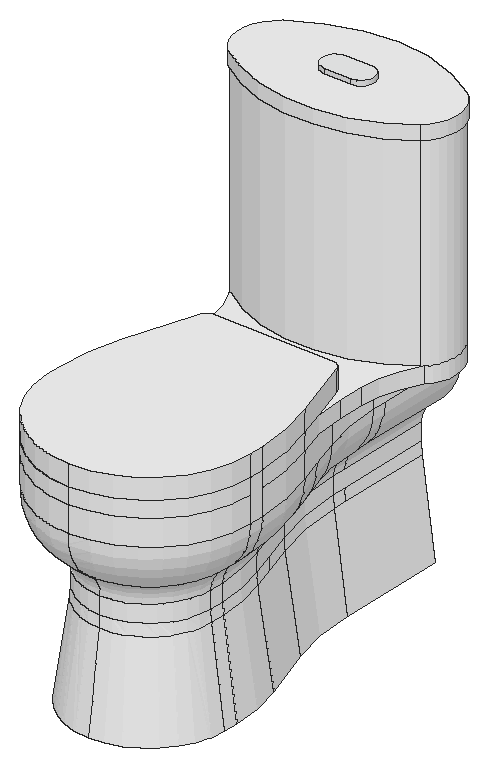
Revit family "200401001_Sanitario Aquapro Al Bco", category Plumbing Fixtures, Revit 2019
Family settings
  Round Connector Dimension = Use Diameter
  Part Type = Normal
  OmniClass Number = 23.31.19.17
  OmniClass Title = Toilets With Tank
  Work Plane-Based = No
  Always vertical = Yes
  Cut with Voids When Loaded = No
  Shared = No
  Room Calculation Point = No
Parameters
  URL = "https://corona.co/productos/sanitarios/sanitario-aquapro/p/200401001"
  Sistema de Carga = "Por gravedad"  # constant formula
  Profundidad = 714 mm
  Presion maxima = "20 - 80 PSI"  # constant formula
  Peso Neto aprox = "Taza: 23,38 kg. - 51,55 lbs.Tanque: 9,98 kg. - 22,00 lbs."  # constant formula
  Model = "Sanitario Aquapro Al Bco"  # constant formula
  Material 2 = Corona_Aluminio
  Material = Corona_Porcelana_Sanitaria
  Manufacturer = "CORONA"  # constant formula
  Fecha de creación = "13/08/2020"  # constant formula
  Espejo de Agua = "162 x 235 mm. - 6 3/8 x 9 1/4 pulg."  # constant formula
  Dimensiones generales producto (H * W * D) = "785 x 714 x 378 mm."  # constant formula
  Description = "Consumo de agua promedio de 3.8 Lpf. (4.8 Lpf. para sólidos / 3.2 Lpf. para líquidos)."  # constant formula
  Creado por = "IDD"  # constant formula
  Ancho = 378 mm
  Altura de Sello = "65 mm. - 2,55 pulg."  # constant formula
  Alto = 785 mm
Reference planes
  plane 1 "Center (Front/Back)": y = 0
  plane 2: z = 0
  plane 3 "Center (Left/Right)": x = 0
  plane 4: x = -189
  plane 5: x = 189
  plane 6: y = 357
  plane 7: y = -357
  plane 8: z = 785
  plane 9: through (8.684, 147.523, 2.491) normal (-0.1064, -0.9943, 0)
  plane 10: through (-10.473, 156.475, 9.85) normal (-0.1064, -0.9943, 0)
Forms (mm)
  Extrusion 1, solid, material "Corona_Porcelana_Sanitaria" <- "Material", detail levels medium+fine
    sketch origin (0, 0, 0) x (1, 0, 0) y (0, 1, 0)
      loop
        arc (-166.654, 197.401) -> (0, 140.352) -> (166.654, 197.401) r 271.942
        arc (166.654, 197.401) -> (188.824, 253.634) -> (158.931, 306.17) r 70
        arc (158.931, 306.17) -> (0, 357.295) -> (-158.931, 306.17) r 272.596
        arc (-158.931, 306.17) -> (-188.824, 253.634) -> (-166.654, 197.401) r 70
    from 761.119 to 785
  Extrusion 2, solid, material "Corona_Porcelana_Sanitaria" <- "Material", detail levels medium+fine
    sketch origin (0, 0, 0) x (1, 0, 0) y (0, 1, 0)
      loop
        arc (-164.709, 199.689) -> (0, 143.352) -> (164.709, 199.689) r 268.942
        arc (164.709, 199.689) -> (185.826, 253.499) -> (157.2, 303.719) r 67
        arc (157.2, 303.719) -> (0, 354.295) -> (-157.2, 303.719) r 269.596
        arc (-157.2, 303.719) -> (-185.826, 253.499) -> (-164.709, 199.689) r 67
    from 409.644 to 761.119
  Extrusion 3, solid, material "Corona_Porcelana_Sanitaria" <- "Material", detail levels medium+fine
    sketch origin (0, 0, 0) x (1, 0, 0) y (0, 1, 0)
      loop
        arc (-157.399, -41.47) -> (-170.918, -97.782) -> (-175.462, -155.515) r 369.056
        line (-175.462, -155.515) -> (-175.462, -180.671)
        arc (-175.462, -180.671) -> (-124.063, -304.701) -> (0, -356.018) r 175.347
        arc (0, -356.018) -> (124.063, -304.701) -> (175.462, -180.671) r 175.347
        line (175.462, -180.671) -> (175.462, -155.515)
        arc (175.462, -155.515) -> (170.918, -97.782) -> (157.399, -41.47) r 369.056
        arc (157.399, -41.47) -> (143.291, 6.836) -> (138.532, 56.935) r 266.069
        line (138.532, 56.935) -> (138.532, 101.935)
        arc (138.532, 101.935) -> (146.064, 154.6) -> (168.056, 203.042) r 187.885
        arc (168.056, 203.042) -> (185.614, 255.859) -> (157.2, 303.719) r 67
        arc (157.2, 303.719) -> (0, 354.295) -> (-157.2, 303.719) r 269.596
        arc (-157.2, 303.719) -> (-184.064, 264.665) -> (-178.362, 217.608) r 67
        arc (-178.362, 217.608) -> (-148.768, 163.104) -> (-138.532, 101.935) r 187.885
        line (-138.532, 101.935) -> (-138.532, 56.935)
        arc (-138.532, 56.935) -> (-143.291, 6.836) -> (-157.399, -41.47) r 266.069
    from 381.748 to 409.644
  Extrusion 4, solid, material "Corona_Porcelana_Sanitaria" <- "Material", detail levels medium+fine
    sketch origin (0, 0, 0) x (1, 0, 0) y (0, 1, 0)
      loop
        line (-189, 357) -> (-189, -357) -> (189, -357) -> (189, 357) -> (-189, 357)
    from 0 to 381.748
  Sweep 5, void
    path origin (0, 0, 0) x (1, 0, 0) y (0, 1, 0)
      loop
        line (-39.306, 357) -> (-39.306, 192.452) -> (-39.306, 166.982)
        arc (-39.306, 166.982) -> (-44.628, 99.356) -> (-60.464, 33.395) r 432.296
        line (-60.464, 33.395) -> (-77.418, -18.786) -> (-91.723, -62.81)
        arc (-91.723, -62.81) -> (-102.712, -108.585) -> (-106.406, -155.515) r 300
        line (-106.406, -155.515) -> (-106.406, -180.671)
        arc (-106.406, -180.671) -> (-75.233, -255.871) -> (0, -286.963) r 106.292
        arc (0, -286.963) -> (75.233, -255.871) -> (106.406, -180.671) r 106.292
        line (106.406, -180.671) -> (106.406, -155.515)
        arc (106.406, -155.515) -> (102.712, -108.585) -> (91.723, -62.81) r 300
        line (91.723, -62.81) -> (77.418, -18.786) -> (60.464, 33.395)
        arc (60.464, 33.395) -> (44.628, 99.356) -> (39.306, 166.982) r 432.296
        line (39.306, 166.982) -> (39.306, 192.452) -> (39.306, 357)
    profile origin (-39.306, 274.726, 0) x (1, 0, 0) y (0, 0, 1)
      loop
        line (-69.056, 381.748) -> (-229.056, 381.748) -> (-229.056, 0) -> (-23.932, 0) -> (-1.411, 160.241)
        arc (-1.411, 160.241) -> (-0.353, 170.307) -> (0, 180.421) r 145
        line (0, 180.421) -> (0, 210.282)
        arc (0, 210.282) -> (-6.881, 232.788) -> (-22.931, 250) r 52.31
        arc (-22.931, 250) -> (-56.808, 287.624) -> (-69.056, 336.748) r 104.637
        line (-69.056, 336.748) -> (-69.056, 381.748)
  Extrusion 6, solid, material "Corona_Porcelana_Sanitaria" <- "Material", detail levels medium+fine
    sketch origin (0, 0, 0) x (1, 0, 0) y (0, 1, 0)
      loop
        arc (-175.462, -180.671) -> (-124.063, -304.701) -> (0, -356.018) r 175.347
        arc (0, -356.018) -> (124.063, -304.701) -> (175.462, -180.671) r 175.347
        line (175.462, -180.671) -> (175.462, -155.515)
        arc (175.462, -155.515) -> (170.918, -97.782) -> (157.399, -41.47) r 369.056
        line (157.399, -41.47) -> (119.924, 73.864)
        arc (119.924, 73.864) -> (112.659, 83.864) -> (100.903, 87.684) r 20
        line (100.903, 87.684) -> (-100.903, 87.684)
        arc (-100.903, 87.684) -> (-112.659, 83.864) -> (-119.924, 73.864) r 20
        line (-119.924, 73.864) -> (-157.399, -41.47)
        arc (-157.399, -41.47) -> (-170.918, -97.782) -> (-175.462, -155.515) r 369.056
        line (-175.462, -155.515) -> (-175.462, -180.671)
    from 409.644 to 444.983
  Extrusion 7, void
    sketch origin (0, 0, 0) x (1, 0, 0) y (0, 1, 0)
      loop
        circle (-70.509, 109.309) r 10
      loop
        circle (70.509, 109.309) r 10
    from 328.05 to 463.389
  Extrusion 8, solid, material "Corona_Aluminio" <- "Material 2", detail levels medium+fine
    sketch origin (0, 0, 0) x (1, 0, 0) y (0, 1, 0)
      loop
        arc (-22.322, 271.405) -> (-44.822, 248.905) -> (-22.322, 226.405) r 22.5
        line (-22.322, 226.405) -> (22.322, 226.405)
        arc (22.322, 226.405) -> (44.822, 248.905) -> (22.322, 271.405) r 22.5
        line (22.322, 271.405) -> (-22.322, 271.405)
    from 785 to 793.072
  Sweep 9, solid, material "Corona_Porcelana_Sanitaria" <- "Material", detail levels medium+fine
    path origin (-7.622, -4.888, -62.54) x (0.106377, 0.994326, 0) y (0, 0, 1)
      loop
        line (-75.344, 163.712) -> (8.359, 163.712)
        arc (8.359, 163.712) -> (21.51, 165.816) -> (33.349, 171.917) r 42.161
        line (33.349, 171.917) -> (112.769, 230.367)
        arc (112.769, 230.367) -> (117.868, 234.775) -> (122.216, 239.923) r 43.063
        arc (122.216, 239.923) -> (186.417, 285.869) -> (265.324, 283.34) r 123.037
        arc (265.324, 283.34) -> (291.961, 262.595) -> (302.036, 230.371) r 56.569
        line (302.036, 230.371) -> (302.036, 227.273)
        arc (302.036, 227.273) -> (293.499, 175.709) -> (268.8, 129.646) r 160
        line (268.8, 129.646) -> (251.082, 106.641)
        arc (251.082, 106.641) -> (229.47, 66.336) -> (222, 21.217) r 140
        line (222, 21.217) -> (222, 12.099) -> (222, -12.099)
    profile origin (15.994, 215.853, -62.54) x (0.994326, -0.106377, 0) y (0.106377, 0.994326, 0)
      loop
        circle (-59.478, -20.418) r 30
  Extrusion 10, void
    sketch origin (0, 0, 0) x (0, 1, 0) y (0, 0, 1)
      loop
        line (462.599, 0) -> (-577.401, 0) -> (-577.401, -320) -> (462.599, -320) -> (462.599, 0)
    from -408.049 to 563.818
  Extrusion 11, solid, material "Corona_Porcelana_Sanitaria" <- "Material", detail levels coarse
    sketch origin (0, 0, 0) x (1, 0, 0) y (0, 1, 0)
      loop
        line (-189, 357) -> (-189, -357) -> (189, -357) -> (189, 357) -> (-189, 357)
    from 0 to 785
Cuts and joins
  Sweep 5, Extrusion 7, Extrusion 10 cuts Extrusion 3
  Sweep 5, Extrusion 7, Extrusion 10 cuts Extrusion 4
  Extrusion 10 cuts Sweep 9
  joined: Extrusion 3, Extrusion 4, Sweep 9
Lines and regions (mm)
  symbolic lines
    curve 1: arc (158.931, 306.17, 0) -> (0, 357.295, 0) -> (-158.931, 306.17, 0) r 272.596
    curve 2: arc (-158.931, 306.17, 0) -> (-188.985, 250.128, 0) -> (-161.28, 192.887, 0) r 70
    curve 3: arc (162.573, 193.891, 0) -> (188.963, 250.946, 0) -> (158.931, 306.17, 0) r 70
    curve 7: arc (-162.573, 193.891, 0) -> (-144.642, 149.459, 0) -> (-138.532, 101.935, 0) r 187.885
    curve 8: line (-138.532, 101.935, 0) -> (-138.532, 56.935, 0)
    curve 9: arc (-138.532, 56.935, 0) -> (-143.291, 6.836, 0) -> (-157.399, -41.47, 0) r 266.069
    curve 10: arc (-157.399, -41.47, 0) -> (-170.918, -97.782, 0) -> (-175.462, -155.515, 0) r 369.056
    curve 11: arc (-175.462, -180.671, 0) -> (-124.063, -304.701, 0) -> (0, -356.018, 0) r 175.347
    curve 12: arc (0, -356.018, 0) -> (124.063, -304.701, 0) -> (175.462, -180.671, 0) r 175.347
    curve 13: line (175.462, -180.671, 0) -> (175.462, -155.515, 0)
    curve 14: line (-175.462, -155.515, 0) -> (-175.462, -180.671, 0)
    curve 15: arc (175.462, -155.515, 0) -> (170.918, -97.782, 0) -> (157.399, -41.47, 0) r 369.056
    curve 16: arc (157.399, -41.47, 0) -> (143.291, 6.836, 0) -> (138.532, 56.935, 0) r 266.069
    curve 17: line (138.532, 56.935, 0) -> (138.532, 101.935, 0)
    curve 18: arc (138.532, 101.935, 0) -> (144.642, 149.459, 0) -> (162.573, 193.891, 0) r 187.885
    curve 19: arc (-22.322, 271.405, 0) -> (-44.822, 248.905, 0) -> (-22.322, 226.405, 0) r 22.5
    curve 20: line (22.322, 271.405, 0) -> (-22.322, 271.405, 0)
    curve 21: arc (22.322, 226.405, 0) -> (44.822, 248.905, 0) -> (22.322, 271.405, 0) r 22.5
    curve 22: line (-22.322, 226.405, 0) -> (22.322, 226.405, 0)
    curve 23: arc (-80.509, 109.309, 0) -> (-70.509, 99.309, 0) -> (-60.509, 109.309, 0) r 10
    curve 24: arc (-60.509, 109.309, 0) -> (-70.509, 119.309, 0) -> (-80.509, 109.309, 0) r 10
    curve 25: arc (80.509, 109.309, 0) -> (70.509, 119.309, 0) -> (60.509, 109.309, 0) r 10
    curve 26: arc (60.509, 109.309, 0) -> (70.509, 99.309, 0) -> (80.509, 109.309, 0) r 10
    curve 27: arc (-130.337, -180.671, 0) -> (-92.155, -272.793, 0) -> (0, -310.894, 0) r 130.223
    curve 28: arc (0, -310.894, 0) -> (92.155, -272.793, 0) -> (130.337, -180.671, 0) r 130.223
    curve 29: line (-130.337, -180.671, 0) -> (-130.337, -53.171, 0)
    curve 30: line (130.337, -180.671, 0) -> (130.337, -53.171, 0)
    curve 31: arc (-130.337, -53.171, 0) -> (-92.155, 38.951, 0) -> (0, 77.052, 0) r 130.223
    curve 32: arc (0, 77.052, 0) -> (92.155, 38.951, 0) -> (130.337, -53.171, 0) r 130.223
    curve 33: line (-36.969, -78.722, 0) -> (-36.969, -38.722, 0)
    curve 34: line (36.969, -78.722, 0) -> (36.969, -38.722, 0)
    curve 35: arc (-36.969, -38.722, 0) -> (0, -1.753, 0) -> (36.969, -38.722, 0) r 36.969
    curve 36: arc (-36.969, -78.722, 0) -> (0, -115.692, 0) -> (36.969, -78.722, 0) r 36.969
    curve 37: circle (0, -18.306, 0) r 13.098 normal (0, 0, 1)
    curve 38: arc (162.526, 193.807, 0) -> (0.774, 140.059, 0) -> (-161.28, 192.887, 0) r 272.596
    curve 71: line (-189, 0, 761.119) -> (189, 0, 761.119)
    curve 72: line (-189, 0, 761.119) -> (-189, 0, 768.801)
    curve 73: arc (-189, 0, 768.801) -> (-176.035, 0, 780.743) -> (-158.931, 0, 785) r 35.593
    curve 74: line (189, 0, 761.119) -> (189, 0, 768.801)
    curve 75: arc (189, 0, 768.801) -> (176.035, 0, 780.743) -> (158.931, 0, 785) r 35.593
    curve 76: line (-158.931, 0, 785) -> (158.931, 0, 785)
    curve 77: line (-186, 0, 761.119) -> (-186, 0, 616.119)
    curve 78: line (-184.377, 0, 604.403) -> (-157.399, 0, 409.644)
    curve 79: arc (-184.377, 0, 604.403) -> (-185.393, 0, 610.232) -> (-186, 0, 616.119) r 84.777
    curve 80: line (186, 0, 761.119) -> (186, 0, 616.119)
    curve 81: line (184.377, 0, 604.403) -> (157.399, 0, 409.644)
    curve 82: arc (184.377, 0, 604.403) -> (185.393, 0, 610.232) -> (186, 0, 616.119) r 84.777
    curve 83: line (-130.337, 0, 0) -> (-106.678, 0, 168.346)
    curve 84: line (-106.678, 0, 168.346) -> (-106.678, 0, 211.148)
    curve 85: line (-176.678, 0, 409.644) -> (-176.678, 0, 341.748)
    curve 86: arc (-176.678, 0, 341.748) -> (-166.147, 0, 294.248) -> (-136.529, 0, 255.648) r 112.395
    curve 87: arc (-136.529, 0, 255.648) -> (-118.448, 0, 235.515) -> (-106.678, 0, 211.148) r 96.347
    curve 88: line (130.337, 0, 0) -> (106.678, 0, 168.346)
    curve 89: line (106.678, 0, 168.346) -> (106.678, 0, 211.148)
    curve 90: line (176.678, 0, 409.644) -> (176.678, 0, 341.748)
    curve 91: arc (176.678, 0, 341.748) -> (166.147, 0, 294.248) -> (136.529, 0, 255.648) r 112.395
    curve 92: arc (136.529, 0, 255.648) -> (118.448, 0, 235.515) -> (106.678, 0, 211.148) r 96.347
    curve 93: line (-176.678, 0, 409.644) -> (176.678, 0, 409.644)
    curve 94: line (-130.337, 0, 0) -> (130.337, 0, 0)
    curve 95: line (0, 353.825, 756.733) -> (0, 335.634, 409.644)
    curve 97: line (0, 115.352, 761.119) -> (0, 357.295, 761.119)
    curve 98: line (0, 115.352, 761.119) -> (0, 357.295, 761.119)
    curve 99: line (0, 357.295, 761.119) -> (0, 357.295, 768.828)
    curve 100: arc (0, 357.295, 768.828) -> (0, 343.04, 780.083) -> (0, 325.555, 785) r 46.37
    curve 101: line (0, 115.352, 761.119) -> (0, 115.352, 768.828)
    curve 102: arc (0, 115.352, 768.828) -> (0, 129.607, 780.083) -> (0, 147.092, 785) r 46.37
    curve 103: line (0, 325.555, 785) -> (0, 147.092, 785)
    curve 104: line (0, 125.352, 761.119) -> (0, 139.852, 409.644)
    curve 105: line (0, 335.634, 409.644) -> (0, 340.634, 409.644)
    curve 106: line (0, 340.634, 409.644) -> (0, 340.634, 381.748)
    curve 107: line (0, 340.634, 381.748) -> (0, -19.366, 381.748)
    curve 108: line (0, 335.634, 409.644) -> (0, -356.018, 409.644)
    curve 109: arc (0, -356.018, 409.644) -> (0, -353.192, 366.547) -> (0, -335.455, 327.169) r 121.385
    curve 110: arc (0, -335.455, 327.169) -> (0, -291.866, 280.833) -> (0, -234.328, 253.696) r 170.542
    curve 111: arc (0, -186.596, 212.291) -> (0, -205.599, 238.599) -> (0, -234.328, 253.696) r 70.96
    curve 112: line (0, -186.596, 212.291) -> (0, -212.662, 0)
    curve 113: line (0, -212.662, 0) -> (0, 221.065, 0)
    curve 114: line (0, 221.065, 0) -> (0, 221.065, 25)
    curve 115: arc (0, 221.065, 25) -> (0, 233.654, 67.5) -> (0, 267.359, 96.287) r 78.033
    curve 116: arc (0, 267.359, 96.287) -> (0, 296.661, 122.671) -> (0, 304.859, 161.239) r 63.799
    curve 117: arc (0, 304.859, 161.239) -> (0, 299.88, 256.239) -> (0, 304.859, 351.239) r 908.843
    curve 118: arc (0, 304.859, 351.239) -> (0, 317.126, 373.085) -> (0, 340.634, 381.748) r 36.23
    curve 119: line (0, -53.935, 25) -> (0, -72.825, 178.845)
    curve 120: arc (0, 22.454, 174.082) -> (0, 1.448, 172.647) -> (0, -19.559, 174.082) r 154.484
    curve 121: arc (0, 299.973, 243.262) -> (0, 276.427, 290.481) -> (0, 226.563, 307.729) r 69.798
    curve 122: line (0, -55.154, 34.925) -> (0, 129.846, 34.925)
    curve 123: arc (0, 129.846, 34.925) -> (0, 154.319, 73.012) -> (0, 186.485, 104.869) r 207.033
    curve 124: arc (0, 186.485, 104.869) -> (0, 211.503, 129.646) -> (0, 230.537, 159.269) r 161.026
    curve 125: arc (0, 230.537, 159.269) -> (0, 236.709, 195.289) -> (0, 222.006, 228.747) r 63.503
    curve 126: arc (0, 222.006, 228.747) -> (0, 197.006, 240.286) -> (0, 172.006, 228.747) r 32.851
    curve 127: arc (0, 172.006, 228.747) -> (0, 121.814, 176.266) -> (0, 65.96, 129.857) r 635.206
    curve 128: arc (0, 65.96, 129.857) -> (0, 22.407, 108.875) -> (0, -25.803, 105.269) r 129.914
    curve 129: line (0, -25.803, 105.269) -> (0, -63.791, 105.269)
    curve 130: arc (0, 226.563, 307.729) -> (0, 189.313, 302.119) -> (0, 153.79, 289.585) r 198.818
    curve 131: arc (0, 153.79, 289.585) -> (0, 79.77, 241.33) -> (0, 22.454, 174.082) r 308.675
    curve 132: arc (0, 167.5, 325.24) -> (0, 114.917, 300.636) -> (0, 71.053, 262.606) r 210.538
    curve 133: arc (0, 71.053, 262.606) -> (0, 10.368, 212.716) -> (0, -63.181, 185.106) r 239.877
    curve 134: arc (0, -63.181, 185.106) -> (0, -91.397, 186.055) -> (0, -116.307, 199.342) r 62.396
    curve 135: arc (0, 115, 381.748) -> (0, 109.421, 348.949) -> (0, 90.651, 321.481) r 77.8
    curve 136: arc (0, 90.651, 321.481) -> (0, 22.093, 266.646) -> (0, -54.431, 223.622) r 540.97
    curve 137: arc (0, -54.431, 223.622) -> (0, -103.033, 215.623) -> (0, -148.911, 233.552) r 93.061
  symbolic lines, not visible
    curve 4: arc (158.931, 306.17, 0) -> (0, 357.295, 0) -> (-158.931, 306.17, 0) r 272.596
    curve 5: arc (-158.931, 306.17, 0) -> (-188.985, 250.128, 0) -> (-161.28, 192.887, 0) r 70
    curve 6: arc (162.573, 193.891, 0) -> (188.963, 250.946, 0) -> (158.931, 306.17, 0) r 70
    curve 39: arc (-162.573, 193.891, 0) -> (-144.642, 149.459, 0) -> (-138.532, 101.935, 0) r 187.885
    curve 40: line (-138.532, 101.935, 0) -> (-138.532, 56.935, 0)
    curve 41: arc (-138.532, 56.935, 0) -> (-143.291, 6.836, 0) -> (-157.399, -41.47, 0) r 266.069
    curve 42: arc (-157.399, -41.47, 0) -> (-170.918, -97.782, 0) -> (-175.462, -155.515, 0) r 369.056
    curve 43: arc (-175.462, -180.671, 0) -> (-124.063, -304.701, 0) -> (0, -356.018, 0) r 175.347
    curve 44: arc (0, -356.018, 0) -> (124.063, -304.701, 0) -> (175.462, -180.671, 0) r 175.347
    curve 45: line (175.462, -180.671, 0) -> (175.462, -155.515, 0)
    curve 46: line (-175.462, -155.515, 0) -> (-175.462, -180.671, 0)
    curve 47: arc (175.462, -155.515, 0) -> (170.918, -97.782, 0) -> (157.399, -41.47, 0) r 369.056
    curve 48: arc (157.399, -41.47, 0) -> (143.291, 6.836, 0) -> (138.532, 56.935, 0) r 266.069
    curve 49: line (138.532, 56.935, 0) -> (138.532, 101.935, 0)
    curve 50: arc (138.532, 101.935, 0) -> (144.642, 149.459, 0) -> (162.573, 193.891, 0) r 187.885
    curve 51: arc (-22.322, 271.405, 0) -> (-44.822, 248.905, 0) -> (-22.322, 226.405, 0) r 22.5
    curve 52: line (22.322, 271.405, 0) -> (-22.322, 271.405, 0)
    curve 53: arc (22.322, 226.405, 0) -> (44.822, 248.905, 0) -> (22.322, 271.405, 0) r 22.5
    curve 54: line (-22.322, 226.405, 0) -> (22.322, 226.405, 0)
    curve 55: arc (-80.509, 109.309, 0) -> (-70.509, 99.309, 0) -> (-60.509, 109.309, 0) r 10
    curve 56: arc (-60.509, 109.309, 0) -> (-70.509, 119.309, 0) -> (-80.509, 109.309, 0) r 10
    curve 57: arc (80.509, 109.309, 0) -> (70.509, 119.309, 0) -> (60.509, 109.309, 0) r 10
    curve 58: arc (60.509, 109.309, 0) -> (70.509, 99.309, 0) -> (80.509, 109.309, 0) r 10
    curve 59: arc (-130.337, -180.671, 0) -> (-92.155, -272.793, 0) -> (0, -310.894, 0) r 130.223
    curve 60: arc (0, -310.894, 0) -> (92.155, -272.793, 0) -> (130.337, -180.671, 0) r 130.223
    curve 61: line (-130.337, -180.671, 0) -> (-130.337, -53.171, 0)
    curve 62: line (130.337, -180.671, 0) -> (130.337, -53.171, 0)
    curve 63: arc (-130.337, -53.171, 0) -> (-92.155, 38.951, 0) -> (0, 77.052, 0) r 130.223
    curve 64: arc (0, 77.052, 0) -> (92.155, 38.951, 0) -> (130.337, -53.171, 0) r 130.223
    curve 65: line (-36.969, -78.722, 0) -> (-36.969, -38.722, 0)
    curve 66: line (36.969, -78.722, 0) -> (36.969, -38.722, 0)
    curve 67: arc (-36.969, -38.722, 0) -> (0, -1.753, 0) -> (36.969, -38.722, 0) r 36.969
    curve 68: arc (-36.969, -78.722, 0) -> (0, -115.692, 0) -> (36.969, -78.722, 0) r 36.969
    curve 69: circle (0, -18.306, 0) r 13.098 normal (0, 0, 1)
    curve 70: arc (162.526, 193.807, 0) -> (0.774, 140.059, 0) -> (-161.28, 192.887, 0) r 272.596
    curve 96: line (0, 353.825, 756.733) -> (0, 335.634, 409.644)
    curve 138: line (0, 115.352, 761.119) -> (0, 357.295, 761.119)
    curve 139: line (0, 115.352, 761.119) -> (0, 357.295, 761.119)
    curve 140: line (0, 357.295, 761.119) -> (0, 357.295, 768.828)
    curve 141: arc (0, 357.295, 768.828) -> (0, 343.04, 780.083) -> (0, 325.555, 785) r 46.37
    curve 142: line (0, 115.352, 761.119) -> (0, 115.352, 768.828)
    curve 143: arc (0, 115.352, 768.828) -> (0, 129.607, 780.083) -> (0, 147.092, 785) r 46.37
    curve 144: line (0, 325.555, 785) -> (0, 147.092, 785)
    curve 145: line (0, 125.352, 761.119) -> (0, 139.852, 409.644)
    curve 146: line (0, 335.634, 409.644) -> (0, 340.634, 409.644)
    curve 147: line (0, 340.634, 409.644) -> (0, 340.634, 381.748)
    curve 148: line (0, 340.634, 381.748) -> (0, -19.366, 381.748)
    curve 149: line (0, 335.634, 409.644) -> (0, -356.018, 409.644)
    curve 150: arc (0, -356.018, 409.644) -> (0, -353.192, 366.547) -> (0, -335.455, 327.169) r 121.385
    curve 151: arc (0, -335.455, 327.169) -> (0, -291.866, 280.833) -> (0, -234.328, 253.696) r 170.542
    curve 152: arc (0, -186.596, 212.291) -> (0, -205.599, 238.599) -> (0, -234.328, 253.696) r 70.96
    curve 153: line (0, -186.596, 212.291) -> (0, -212.662, 0)
    curve 154: line (0, -212.662, 0) -> (0, 221.065, 0)
    curve 155: line (0, 221.065, 0) -> (0, 221.065, 25)
    curve 156: arc (0, 221.065, 25) -> (0, 233.654, 67.5) -> (0, 267.359, 96.287) r 78.033
    curve 157: arc (0, 267.359, 96.287) -> (0, 296.661, 122.671) -> (0, 304.859, 161.239) r 63.799
    curve 158: arc (0, 304.859, 161.239) -> (0, 299.88, 256.239) -> (0, 304.859, 351.239) r 908.843
    curve 159: arc (0, 304.859, 351.239) -> (0, 317.126, 373.085) -> (0, 340.634, 381.748) r 36.23
    curve 160: line (0, -53.935, 25) -> (0, -72.825, 178.845)
    curve 161: arc (0, 22.454, 174.082) -> (0, 1.448, 172.647) -> (0, -19.559, 174.082) r 154.484
    curve 162: arc (0, 299.973, 243.262) -> (0, 276.427, 290.481) -> (0, 226.563, 307.729) r 69.798
    curve 163: line (0, -55.154, 34.925) -> (0, 129.846, 34.925)
    curve 164: arc (0, 129.846, 34.925) -> (0, 154.319, 73.012) -> (0, 186.485, 104.869) r 207.033
    curve 165: arc (0, 186.485, 104.869) -> (0, 211.503, 129.646) -> (0, 230.537, 159.269) r 161.026
    curve 166: arc (0, 230.537, 159.269) -> (0, 236.709, 195.289) -> (0, 222.006, 228.747) r 63.503
    curve 167: arc (0, 222.006, 228.747) -> (0, 197.006, 240.286) -> (0, 172.006, 228.747) r 32.851
    curve 168: arc (0, 172.006, 228.747) -> (0, 121.814, 176.266) -> (0, 65.96, 129.857) r 635.206
    curve 169: arc (0, 65.96, 129.857) -> (0, 22.407, 108.875) -> (0, -25.803, 105.269) r 129.914
    curve 170: line (0, -25.803, 105.269) -> (0, -63.791, 105.269)
    curve 171: arc (0, 226.563, 307.729) -> (0, 189.313, 302.119) -> (0, 153.79, 289.585) r 198.818
    curve 172: arc (0, 153.79, 289.585) -> (0, 79.77, 241.33) -> (0, 22.454, 174.082) r 308.675
    curve 173: arc (0, 167.5, 325.24) -> (0, 114.917, 300.636) -> (0, 71.053, 262.606) r 210.538
    curve 174: arc (0, 71.053, 262.606) -> (0, 10.368, 212.716) -> (0, -63.181, 185.106) r 239.877
    curve 175: arc (0, -63.181, 185.106) -> (0, -91.397, 186.055) -> (0, -116.307, 199.342) r 62.396
    curve 176: arc (0, 115, 381.748) -> (0, 109.421, 348.949) -> (0, 90.651, 321.481) r 77.8
    curve 177: arc (0, 90.651, 321.481) -> (0, 22.093, 266.646) -> (0, -54.431, 223.622) r 540.97
    curve 178: arc (0, -54.431, 223.622) -> (0, -103.033, 215.623) -> (0, -148.911, 233.552) r 93.061
    curve 179: line (-189, 0, 761.119) -> (189, 0, 761.119)
    curve 180: line (-189, 0, 761.119) -> (-189, 0, 768.801)
    curve 181: arc (-189, 0, 768.801) -> (-176.035, 0, 780.743) -> (-158.931, 0, 785) r 35.593
    curve 182: line (189, 0, 761.119) -> (189, 0, 768.801)
    curve 183: arc (189, 0, 768.801) -> (176.035, 0, 780.743) -> (158.931, 0, 785) r 35.593
    curve 184: line (-158.931, 0, 785) -> (158.931, 0, 785)
    curve 185: line (-186, 0, 761.119) -> (-186, 0, 616.119)
    curve 186: line (-184.377, 0, 604.403) -> (-157.399, 0, 409.644)
    curve 187: arc (-184.377, 0, 604.403) -> (-185.393, 0, 610.232) -> (-186, 0, 616.119) r 84.777
    curve 188: line (186, 0, 761.119) -> (186, 0, 616.119)
    curve 189: line (184.377, 0, 604.403) -> (157.399, 0, 409.644)
    curve 190: arc (184.377, 0, 604.403) -> (185.393, 0, 610.232) -> (186, 0, 616.119) r 84.777
    curve 191: line (-130.337, 0, 0) -> (-106.678, 0, 168.346)
    curve 192: line (-106.678, 0, 168.346) -> (-106.678, 0, 211.148)
    curve 193: line (-176.678, 0, 409.644) -> (-176.678, 0, 341.748)
    curve 194: arc (-176.678, 0, 341.748) -> (-166.147, 0, 294.248) -> (-136.529, 0, 255.648) r 112.395
    curve 195: arc (-136.529, 0, 255.648) -> (-118.448, 0, 235.515) -> (-106.678, 0, 211.148) r 96.347
    curve 196: line (130.337, 0, 0) -> (106.678, 0, 168.346)
    curve 197: line (106.678, 0, 168.346) -> (106.678, 0, 211.148)
    curve 198: line (176.678, 0, 409.644) -> (176.678, 0, 341.748)
    curve 199: arc (176.678, 0, 341.748) -> (166.147, 0, 294.248) -> (136.529, 0, 255.648) r 112.395
    curve 200: arc (136.529, 0, 255.648) -> (118.448, 0, 235.515) -> (106.678, 0, 211.148) r 96.347
    curve 201: line (-176.678, 0, 409.644) -> (176.678, 0, 409.644)
    curve 202: line (-130.337, 0, 0) -> (130.337, 0, 0)
Dimensions and locks
  equal spacing: plane 6, plane 1 "Center (Front/Back)", plane 7
  "Profundidad": plane 6 to plane 7
  equal spacing: plane 4, plane 3 "Center (Left/Right)", plane 5
  "Ancho": plane 4 to plane 5
  "Alto": plane 8 to level
  aligned and locked: level to plane 2
Automatic sketch dimensions
  Extrusion 1 sketch curve to plane 3 "Center (Left/Right)" = 0 mm  (x2)
  plane 4 to Extrusion 1 sketch curve = 70 mm
  Extrusion 1 sketch curve to plane 5 = 70 mm
  Extrusion 1 sketch curve to plane 1 "Center (Front/Back)" = 84.699 mm
  Extrusion 1 sketch curve to plane 6 = 108.324 mm
  Extrusion 1 sketch curve to Extrusion 1 sketch curve = 163.977 mm
  plane 6 to Extrusion 1 sketch curve = 55.295 mm
  plane 4 to Extrusion 1 sketch curve = 30.069 mm
  plane 4 to Extrusion 1 sketch curve = 22.346 mm
  Extrusion 1 sketch curve to plane 5 = 30.069 mm
  Extrusion 1 sketch curve to Extrusion 1 sketch curve = 51.275 mm
  Extrusion 2 sketch curve to plane 3 "Center (Left/Right)" = 0 mm  (x2)
  plane 4 to Extrusion 2 sketch curve = 70 mm
  Extrusion 2 sketch curve to plane 5 = 70 mm
  Extrusion 2 sketch curve to plane 1 "Center (Front/Back)" = 84.699 mm
  Extrusion 2 sketch curve to plane 6 = 108.324 mm
  Extrusion 2 sketch curve to Extrusion 2 sketch curve = 163.977 mm
  plane 6 to Extrusion 2 sketch curve = 55.295 mm
  plane 4 to Extrusion 2 sketch curve = 31.8 mm
  plane 4 to Extrusion 2 sketch curve = 24.291 mm
  Extrusion 2 sketch curve to plane 5 = 31.8 mm
  Extrusion 2 sketch curve to Extrusion 2 sketch curve = 48.987 mm
  Extrusion 4 sketch curve to plane 4 = 0 mm
  Extrusion 4 sketch curve to plane 5 = 0 mm
  Extrusion 4 sketch curve to plane 7 = 0 mm
  Extrusion 4 sketch curve to plane 6 = 0 mm
  Sweep 5 sketch curve to plane 6 = 0 mm  (x2)
  Sweep 5 sketch curve to plane 3 "Center (Left/Right)" = 0 mm
  Sweep 5 sketch curve to plane 3 "Center (Left/Right)" = 0.114 mm
  Sweep 5 sketch curve to plane 3 "Center (Left/Right)" = 39.306 mm
  Sweep 5 sketch curve to plane 1 "Center (Front/Back)" = 33.395 mm  (x2)
  Sweep 5 sketch curve to plane 3 "Center (Left/Right)" = 60.464 mm
  plane 1 "Center (Front/Back)" to Sweep 5 sketch curve = 18.786 mm  (x2)
  Sweep 5 sketch curve to Sweep 5 sketch curve = 16.955 mm  (x2)
  Sweep 5 sketch curve to Sweep 5 sketch curve = 14.304 mm  (x2)
  plane 4 to Sweep 5 sketch curve = 82.594 mm
  Sweep 5 sketch curve to plane 4 = 4.594 mm
  Sweep 5 sketch curve to plane 1 "Center (Front/Back)" = 166.982 mm  (x2)
  plane 3 "Center (Left/Right)" to Sweep 5 sketch curve = 0.114 mm
  plane 3 "Center (Left/Right)" to Sweep 5 sketch curve = 39.306 mm
  plane 3 "Center (Left/Right)" to Sweep 5 sketch curve = 60.464 mm
  Sweep 5 sketch curve to plane 5 = 82.594 mm
  plane 5 to Sweep 5 sketch curve = 4.594 mm
  Sweep 5 sketch curve to Sweep 5 sketch curve = 44.024 mm  (x2)
  Sweep 5 sketch curve to Sweep 5 sketch curve = 25.156 mm
  Sweep 5 sketch curve to Sweep 5 sketch curve = 25.471 mm  (x2)
  Sweep 5 sketch curve to level = 0 mm
  profile plane to Sweep 5 sketch curve = 0 mm
  profile plane to Sweep 5 sketch curve = 1.411 mm
  profile plane to Sweep 5 sketch curve = 23.932 mm
  profile plane to Sweep 5 sketch curve = 52.183 mm
  profile plane to Sweep 5 sketch curve = 69.056 mm
  Sweep 5 sketch curve to Sweep 5 sketch curve = 92.817 mm
  Sweep 5 sketch curve to Sweep 5 sketch curve = 84.056 mm
  Sweep 5 sketch curve to profile plane = 35.581 mm
  level to Sweep 5 sketch curve = 160.241 mm
  Sweep 5 sketch curve to Sweep 5 sketch curve = 26.212 mm
  Sweep 5 sketch curve to Sweep 5 sketch curve = 29.861 mm
  Sweep 5 sketch curve to Sweep 5 sketch curve = 130.115 mm
  Sweep 5 sketch curve to Sweep 5 sketch curve = 45 mm
  Extrusion 3 sketch curve to plane 3 "Center (Left/Right)" = 0 mm  (x2)
  Extrusion 3 sketch curve to plane 3 "Center (Left/Right)" = 0.114 mm
  plane 4 to Extrusion 3 sketch curve = 70 mm
  plane 4 to Extrusion 3 sketch curve = 50.468 mm
  plane 4 to Extrusion 3 sketch curve = 13.538 mm
  Extrusion 3 sketch curve to plane 4 = 4.594 mm
  Extrusion 3 sketch curve to Extrusion 3 sketch curve = 78.184 mm  (x2)
  plane 3 "Center (Left/Right)" to Extrusion 3 sketch curve = 0.114 mm
  Extrusion 3 sketch curve to plane 5 = 70 mm
  Extrusion 3 sketch curve to plane 5 = 50.468 mm
  Extrusion 3 sketch curve to plane 5 = 13.538 mm
  plane 5 to Extrusion 3 sketch curve = 4.594 mm
  plane 5 to Extrusion 3 sketch curve = 137.417 mm
  plane 7 to Extrusion 3 sketch curve = 176.329 mm
  Extrusion 3 sketch curve to Extrusion 3 sketch curve = 25.156 mm
  Extrusion 3 sketch curve to Extrusion 3 sketch curve = 0 mm
  Extrusion 3 sketch curve to plane 1 "Center (Front/Back)" = 56.935 mm  (x2)
  Extrusion 3 sketch curve to plane 1 "Center (Front/Back)" = 84.699 mm
  Extrusion 3 sketch curve to Extrusion 3 sketch curve = 45 mm  (x2)
  Extrusion 3 sketch curve to plane 6 = 108.324 mm
  plane 4 to Extrusion 3 sketch curve = 31.8 mm
  plane 4 to Extrusion 3 sketch curve = 10.638 mm
  Extrusion 3 sketch curve to plane 5 = 31.8 mm
  Extrusion 3 sketch curve to plane 5 = 20.944 mm
  Extrusion 3 sketch curve to Extrusion 3 sketch curve = 55.043 mm
  Extrusion 6 sketch curve to plane 3 "Center (Left/Right)" = 0 mm
  Extrusion 6 sketch curve to plane 3 "Center (Left/Right)" = 0.114 mm
  plane 4 to Extrusion 6 sketch curve = 88.097 mm
  Extrusion 6 sketch curve to Extrusion 6 sketch curve = 19.021 mm  (x2)
  plane 4 to Extrusion 6 sketch curve = 31.601 mm
  plane 4 to Extrusion 6 sketch curve = 13.538 mm
  Extrusion 6 sketch curve to plane 4 = 4.594 mm
  plane 3 "Center (Left/Right)" to Extrusion 6 sketch curve = 0.114 mm
  Extrusion 6 sketch curve to plane 5 = 88.097 mm
  Extrusion 6 sketch curve to plane 5 = 31.601 mm
  Extrusion 6 sketch curve to plane 5 = 13.538 mm
  plane 5 to Extrusion 6 sketch curve = 4.594 mm
  plane 7 to Extrusion 6 sketch curve = 176.329 mm
  Extrusion 6 sketch curve to Extrusion 6 sketch curve = 25.156 mm
  Extrusion 6 sketch curve to Extrusion 6 sketch curve = 0 mm
  Extrusion 6 sketch curve to plane 1 "Center (Front/Back)" = 67.684 mm  (x2)
  Extrusion 6 sketch curve to Extrusion 6 sketch curve = 6.18 mm
  Extrusion 7 sketch curve to plane 3 "Center (Left/Right)" = 70.509 mm
  plane 3 "Center (Left/Right)" to Extrusion 7 sketch curve = 70.509 mm
  Extrusion 7 sketch curve to plane 1 "Center (Front/Back)" = 109.309 mm  (x2)
  Extrusion 8 sketch curve to plane 3 "Center (Left/Right)" = 22.322 mm
  plane 3 "Center (Left/Right)" to Extrusion 8 sketch curve = 22.322 mm
  Extrusion 8 sketch curve to plane 6 = 130.595 mm
  Extrusion 8 sketch curve to Extrusion 8 sketch curve = 22.5 mm
  profile plane to Sweep 9 sketch curve = 20.418 mm
  Sweep 9 sketch curve to profile plane = 59.478 mm
  plane 9 to Sweep 9 sketch curve = 144.922 mm
  Sweep 9 sketch curve to Sweep 9 sketch curve = 24.99 mm
  plane 9 to Sweep 9 sketch curve = 66.036 mm
  plane 9 to Sweep 9 sketch curve = 40.511 mm
  plane 9 to Sweep 9 sketch curve = 11.244 mm
  Sweep 9 sketch curve to plane 9 = 68.72 mm
  Sweep 9 sketch curve to plane 9 = 68.856 mm
  Sweep 9 sketch curve to Sweep 9 sketch curve = 23.331 mm
  level to Sweep 9 sketch curve = 44.101 mm
  Sweep 9 sketch curve to Sweep 9 sketch curve = 28.945 mm
  level to Sweep 9 sketch curve = 67.106 mm
  Sweep 9 sketch curve to Sweep 9 sketch curve = 17.718 mm
  Sweep 9 sketch curve to Sweep 9 sketch curve = 56.569 mm
  Sweep 9 sketch curve to level = 41.323 mm
  Sweep 9 sketch curve to Sweep 9 sketch curve = 9.118 mm
  level to Sweep 9 sketch curve = 101.173 mm
  Sweep 9 sketch curve to Sweep 9 sketch curve = 38.486 mm
  Sweep 9 sketch curve to Sweep 9 sketch curve = 8.205 mm
  Sweep 9 sketch curve to Sweep 9 sketch curve = 3.094 mm
  Sweep 9 sketch curve to Sweep 9 sketch curve = 3.098 mm
  Sweep 9 sketch curve to Sweep 9 sketch curve = 34.683 mm
  Sweep 9 sketch curve to Sweep 9 sketch curve = 83.703 mm
  Sweep 9 sketch curve to Sweep 9 sketch curve = 0 mm
  Sweep 9 sketch curve to Sweep 9 sketch curve = 24.199 mm
  Extrusion 10 sketch curve to level = 0 mm
  Extrusion 10 sketch curve to plane 7 = 220.401 mm
  plane 6 to Extrusion 10 sketch curve = 105.599 mm
  Extrusion 10 sketch curve to level = 320 mm
  Extrusion 11 sketch curve to plane 4 = 0 mm
  Extrusion 11 sketch curve to plane 5 = 0 mm
  Extrusion 11 sketch curve to plane 7 = 0 mm
  Extrusion 11 sketch curve to plane 6 = 0 mm
  curve 11 to curve 27 = 0 mm  (x4)
  curve 12 to curve 28 = 0 mm  (x4)
  curve 9 to curve 7 = 78.184 mm
  curve 7 to curve 15 = 132.822 mm
  curve 15 to curve 14 = 18.133 mm
  curve 8 to curve 29 = 8.195 mm
  curve 7 to curve 2 = 19.532 mm
  curve 8 to curve 24 = 68.023 mm
  curve 29 to curve 33 = 93.368 mm
  curve 2 to curve 20 = 96.678 mm
  curve 33 to curve 27 = 36.855 mm
  curve 35 to curve 31 = 36.855 mm
  curve 31 to curve 36 = 0.114 mm
  curve 23 to curve 1 = 70.509 mm
  curve 37 to curve 35 = 0 mm
  curve 20 to curve 38 = 22.322 mm
  curve 31 to curve 32 = 0.228 mm
  curve 11 to curve 12 = 0.228 mm
  curve 19 to curve 20 = 44.643 mm
  curve 1 to curve 26 = 70.509 mm
  curve 21 to curve 3 = 96.678 mm
  curve 28 to curve 30 = 130.223 mm
  curve 25 to curve 17 = 68.023 mm
  curve 30 to curve 13 = 45.124 mm
  curve 13 to curve 10 = 18.133 mm
  curve 17 to curve 18 = 187.885 mm
  curve 18 to curve 16 = 78.184 mm
  curve 14 to curve 12 = 0 mm
  curve 13 to curve 10 = 25.156 mm
  curve 15 to curve 10 = 0 mm
  curve 11 to curve 33 = 101.949 mm
  curve 36 to curve 32 = 25.551 mm
  curve 36 to curve 29 = 25.551 mm
  curve 32 to curve 34 = 14.449 mm
  curve 35 to curve 37 = 20.416 mm
  curve 31 to curve 8 = 110.106 mm
  curve 30 to curve 17 = 110.106 mm
  curve 31 to curve 1 = 7.647 mm
  curve 17 to curve 17 = 45 mm
  curve 9 to curve 7 = 45 mm
  curve 18 to curve 25 = 7.374 mm
  curve 8 to curve 24 = 7.374 mm
  curve 26 to curve 22 = 117.096 mm
  curve 19 to curve 2 = 22.272 mm
  curve 21 to curve 3 = 22.272 mm
  curve 21 to curve 21 = 22.5 mm
  curve 20 to curve 38 = 141.249 mm
  curve 7 to curve 2 = 43.573 mm
  curve 7 to curve 2 = 1.293 mm
  curve 2 to curve 2 = 39.931 mm
  curve 23 to curve 23 = 10 mm
  curve 26 to curve 25 = 10 mm
  curve 3 to curve 3 = 39.931 mm
  curve 38 to curve 3 = 0.047 mm
  curve 23 to curve 24 = 0 mm  (x2)
  curve 25 to curve 26 = 0 mm  (x2)
  curve 43 to curve 59 = 0 mm  (x4)
  curve 44 to curve 60 = 0 mm  (x4)
  curve 41 to curve 39 = 78.184 mm
  curve 39 to curve 47 = 132.822 mm
  curve 47 to curve 46 = 18.133 mm
  curve 40 to curve 61 = 8.195 mm
  curve 39 to curve 5 = 19.532 mm
  curve 40 to curve 56 = 68.023 mm
  curve 61 to curve 65 = 93.368 mm
  curve 5 to curve 52 = 96.678 mm
  curve 65 to curve 59 = 36.855 mm
  curve 67 to curve 63 = 36.855 mm
  curve 63 to curve 68 = 0.114 mm
  curve 55 to curve 4 = 70.509 mm
  curve 69 to curve 67 = 0 mm
  curve 52 to curve 70 = 22.322 mm
  curve 63 to curve 64 = 0.228 mm
  curve 43 to curve 44 = 0.228 mm
  curve 51 to curve 52 = 44.643 mm
  curve 4 to curve 58 = 70.509 mm
  curve 53 to curve 6 = 96.678 mm
  curve 60 to curve 62 = 130.223 mm
  curve 57 to curve 49 = 68.023 mm
  curve 62 to curve 45 = 45.124 mm
  curve 45 to curve 42 = 18.133 mm
  curve 49 to curve 50 = 187.885 mm
  curve 50 to curve 48 = 78.184 mm
  curve 46 to curve 44 = 0 mm
  curve 45 to curve 42 = 25.156 mm
  curve 47 to curve 42 = 0 mm
  curve 43 to curve 65 = 101.949 mm
  curve 68 to curve 64 = 25.551 mm
  curve 68 to curve 61 = 25.551 mm
  curve 64 to curve 66 = 14.449 mm
  curve 67 to curve 69 = 20.416 mm
  curve 63 to curve 40 = 110.106 mm
  curve 62 to curve 49 = 110.106 mm
  curve 63 to curve 4 = 7.647 mm
  curve 49 to curve 49 = 45 mm
  curve 41 to curve 39 = 45 mm
  curve 50 to curve 57 = 7.374 mm
  curve 40 to curve 56 = 7.374 mm
  curve 58 to curve 54 = 117.096 mm
  curve 51 to curve 5 = 22.272 mm
  curve 53 to curve 6 = 22.272 mm
  curve 53 to curve 53 = 22.5 mm
  curve 52 to curve 70 = 141.249 mm
  curve 39 to curve 5 = 43.573 mm
  curve 39 to curve 5 = 1.293 mm
  curve 5 to curve 5 = 39.931 mm
  curve 55 to curve 55 = 10 mm
  curve 58 to curve 57 = 10 mm
  curve 6 to curve 6 = 39.931 mm
  curve 70 to curve 6 = 0.047 mm
  curve 55 to curve 56 = 0 mm  (x2)
  curve 57 to curve 58 = 0 mm  (x2)
  curve 87 to curve 72 = 9.46 mm
  curve 71 to curve 77 = 3 mm
  curve 79 to curve 78 = 1.623 mm
  curve 79 to curve 93 = 7.699 mm
  curve 77 to curve 73 = 26.845 mm
  curve 72 to curve 76 = 30.069 mm
  curve 87 to curve 83 = 91.782 mm
  curve 78 to curve 79 = 82.959 mm
  curve 85 to curve 86 = 112.395 mm
  curve 86 to curve 91 = 128.566 mm
  curve 79 to curve 82 = 202.836 mm
  curve 91 to curve 89 = 42.395 mm
  curve 82 to curve 76 = 57.513 mm
  curve 75 to curve 75 = 0.224 mm
  curve 91 to curve 93 = 112.395 mm
  curve 82 to curve 81 = 82.959 mm
  curve 81 to curve 80 = 1.623 mm
  curve 80 to curve 74 = 3 mm
  curve 88 to curve 92 = 91.782 mm
  curve 89 to curve 83 = 0 mm
  curve 88 to curve 92 = 13.497 mm
  curve 83 to curve 87 = 13.497 mm
  curve 83 to curve 84 = 42.803 mm
  curve 88 to curve 89 = 42.803 mm
  curve 92 to curve 91 = 130.6 mm
  curve 84 to curve 85 = 130.6 mm
  curve 86 to curve 85 = 67.896 mm
  curve 90 to curve 81 = 194.759 mm
  curve 85 to curve 78 = 194.759 mm
  curve 81 to curve 80 = 11.716 mm
  curve 78 to curve 77 = 11.716 mm
  curve 80 to curve 75 = 133.289 mm
  curve 77 to curve 73 = 133.289 mm
  curve 73 to curve 72 = 11.711 mm
  curve 71 to curve 72 = 7.682 mm
  curve 85 to curve 78 = 19.279 mm
  curve 94 to curve 83 = 23.659 mm
  curve 88 to curve 88 = 23.659 mm
  curve 81 to curve 90 = 19.279 mm
  curve 94 to curve 88 = 168.346 mm
  curve 108 to curve 127 = 44.623 mm
  curve 127 to curve 136 = 30.982 mm
  curve 109 to curve 111 = 103.922 mm
  curve 108 to curve 109 = 120.606 mm
  curve 111 to curve 112 = 39.435 mm
  curve 109 to curve 110 = 43.788 mm
  curve 111 to curve 112 = 65.501 mm
  curve 110 to curve 133 = 82.053 mm
  curve 133 to curve 137 = 16.265 mm
  curve 137 to curve 134 = 18.058 mm
  curve 134 to curve 129 = 49.445 mm
  curve 134 to curve 128 = 64.03 mm
  curve 128 to curve 120 = 12.665 mm
  curve 120 to curve 135 = 35.838 mm
  curve 128 to curve 124 = 97.58 mm
  curve 135 to curve 101 = 78.067 mm
  curve 129 to curve 122 = 155.649 mm
  curve 102 to curve 103 = 31.74 mm
  curve 97 to curve 102 = 35.307 mm
  curve 124 to curve 125 = 87.317 mm
  curve 125 to curve 126 = 23.327 mm
  curve 123 to curve 114 = 91.219 mm
  curve 125 to curve 132 = 55.905 mm
  curve 126 to curve 121 = 33.365 mm
  curve 132 to curve 130 = 7.828 mm
  curve 132 to curve 116 = 11.826 mm
  curve 113 to curve 131 = 62.552 mm
  curve 131 to curve 115 = 15.481 mm
  curve 131 to curve 123 = 31.597 mm
  curve 102 to curve 100 = 171.329 mm
  curve 100 to curve 103 = 3.567 mm
  curve 121 to curve 105 = 105.263 mm
  curve 95 to curve 107 = 5 mm
  curve 100 to curve 99 = 31.74 mm
  curve 118 to curve 117 = 868.089 mm
  curve 123 to curve 113 = 57.278 mm
  curve 113 to curve 131 = 9.539 mm
  curve 131 to curve 115 = 15.461 mm
  curve 115 to curve 122 = 9.925 mm
  curve 122 to curve 129 = 70.344 mm
  curve 115 to curve 130 = 84.207 mm
  curve 130 to curve 132 = 14.857 mm
  curve 132 to curve 116 = 30.506 mm
  curve 112 to curve 111 = 184.996 mm
  curve 116 to curve 125 = 32.98 mm
  curve 125 to curve 126 = 19.885 mm
  curve 111 to curve 112 = 27.295 mm
  curve 125 to curve 124 = 43.432 mm
  curve 124 to curve 128 = 3.379 mm
  curve 126 to curve 121 = 30.6 mm
  curve 128 to curve 134 = 11.963 mm
  curve 115 to curve 117 = 231.239 mm
  curve 134 to curve 137 = 61.849 mm
  curve 128 to curve 120 = 92.769 mm
  curve 121 to curve 118 = 107.482 mm
  curve 120 to curve 135 = 50.963 mm
  curve 118 to curve 107 = 36.23 mm
  curve 137 to curve 109 = 87.739 mm
  curve 106 to curve 105 = 27.896 mm
  curve 109 to curve 110 = 22.891 mm
  curve 110 to curve 133 = 1.651 mm
  curve 127 to curve 136 = 74.303 mm
  curve 95 to curve 100 = 329.123 mm
  curve 102 to curve 100 = 0 mm
  curve 102 to curve 97 = 22.352 mm
  curve 97 to curve 101 = 7.709 mm
  curve 109 to curve 110 = 20.563 mm
  curve 111 to curve 137 = 37.685 mm
  curve 137 to curve 134 = 32.603 mm
  curve 134 to curve 119 = 43.482 mm
  curve 129 to curve 128 = 37.988 mm
  curve 119 to curve 134 = 9.644 mm
  curve 133 to curve 134 = 0 mm
  curve 129 to curve 122 = 8.637 mm
  curve 134 to curve 137 = 20.817 mm
  curve 122 to curve 119 = 1.219 mm
  curve 133 to curve 120 = 43.623 mm
  curve 107 to curve 135 = 56.651 mm
  curve 120 to curve 120 = 42.012 mm
  curve 127 to curve 128 = 0 mm
  curve 132 to curve 133 = 0 mm
  curve 132 to curve 135 = 19.598 mm
  curve 136 to curve 135 = 0 mm
  curve 97 to curve 104 = 10 mm
  curve 135 to curve 104 = 24.852 mm
  curve 131 to curve 127 = 18.216 mm
  curve 130 to curve 131 = 0 mm
  curve 131 to curve 132 = 13.709 mm
  curve 126 to curve 127 = 0 mm
  curve 124 to curve 123 = 0 mm
  curve 125 to curve 126 = 0 mm
  curve 121 to curve 130 = 0 mm
  curve 116 to curve 115 = 0 mm
  curve 121 to curve 121 = 69.602 mm
  curve 95 to curve 97 = 3.47 mm
  curve 137 to curve 136 = 0 mm
  curve 95 to curve 97 = 4.386 mm
  curve 149 to curve 168 = 44.623 mm
  curve 168 to curve 177 = 30.982 mm
  curve 150 to curve 152 = 103.922 mm
  curve 149 to curve 150 = 120.606 mm
  curve 152 to curve 153 = 39.435 mm
  curve 150 to curve 151 = 43.788 mm
  curve 152 to curve 153 = 65.501 mm
  curve 151 to curve 174 = 82.053 mm
  curve 174 to curve 178 = 16.265 mm
  curve 178 to curve 175 = 18.058 mm
  curve 175 to curve 170 = 49.445 mm
  curve 175 to curve 169 = 64.03 mm
  curve 169 to curve 161 = 12.665 mm
  curve 161 to curve 176 = 35.838 mm
  curve 169 to curve 165 = 97.58 mm
  curve 176 to curve 142 = 78.067 mm
  curve 170 to curve 163 = 155.649 mm
  curve 143 to curve 144 = 31.74 mm
  curve 138 to curve 143 = 35.307 mm
  curve 165 to curve 166 = 87.317 mm
  curve 166 to curve 167 = 23.327 mm
  curve 164 to curve 155 = 91.219 mm
  curve 166 to curve 173 = 55.905 mm
  curve 167 to curve 162 = 33.365 mm
  curve 173 to curve 171 = 7.828 mm
  curve 173 to curve 157 = 11.826 mm
  curve 154 to curve 172 = 62.552 mm
  curve 172 to curve 156 = 15.481 mm
  curve 172 to curve 164 = 31.597 mm
  curve 143 to curve 141 = 171.329 mm
  curve 141 to curve 144 = 3.567 mm
  curve 162 to curve 146 = 105.263 mm
  curve 96 to curve 148 = 5 mm
  curve 141 to curve 140 = 31.74 mm
  curve 159 to curve 158 = 868.089 mm
  curve 164 to curve 154 = 57.278 mm
  curve 154 to curve 172 = 9.539 mm
  curve 172 to curve 156 = 15.461 mm
  curve 156 to curve 163 = 9.925 mm
  curve 163 to curve 170 = 70.344 mm
  curve 156 to curve 171 = 84.207 mm
  curve 171 to curve 173 = 14.857 mm
  curve 173 to curve 157 = 30.506 mm
  curve 153 to curve 152 = 184.996 mm
  curve 157 to curve 166 = 32.98 mm
  curve 166 to curve 167 = 19.885 mm
  curve 152 to curve 153 = 27.295 mm
  curve 166 to curve 165 = 43.432 mm
  curve 165 to curve 169 = 3.379 mm
  curve 167 to curve 162 = 30.6 mm
  curve 169 to curve 175 = 11.963 mm
  curve 156 to curve 158 = 231.239 mm
  curve 175 to curve 178 = 61.849 mm
  curve 169 to curve 161 = 92.769 mm
  curve 162 to curve 159 = 107.482 mm
  curve 161 to curve 176 = 50.963 mm
  curve 159 to curve 148 = 36.23 mm
  curve 178 to curve 150 = 87.739 mm
  curve 147 to curve 146 = 27.896 mm
  curve 150 to curve 151 = 22.891 mm
  curve 151 to curve 174 = 1.651 mm
  curve 168 to curve 177 = 74.303 mm
  curve 96 to curve 141 = 329.123 mm
  curve 143 to curve 141 = 0 mm
  curve 143 to curve 138 = 22.352 mm
  curve 138 to curve 142 = 7.709 mm
  curve 150 to curve 151 = 20.563 mm
  curve 152 to curve 178 = 37.685 mm
  curve 178 to curve 175 = 32.603 mm
  curve 175 to curve 160 = 43.482 mm
  curve 170 to curve 169 = 37.988 mm
  curve 160 to curve 175 = 9.644 mm
  curve 174 to curve 175 = 0 mm
  curve 170 to curve 163 = 8.637 mm
  curve 175 to curve 178 = 20.817 mm
  curve 163 to curve 160 = 1.219 mm
  curve 174 to curve 161 = 43.623 mm
  curve 148 to curve 176 = 56.651 mm
  curve 161 to curve 161 = 42.012 mm
  curve 168 to curve 169 = 0 mm
  curve 173 to curve 174 = 0 mm
  curve 173 to curve 176 = 19.598 mm
  curve 177 to curve 176 = 0 mm
  curve 138 to curve 145 = 10 mm
  curve 176 to curve 145 = 24.852 mm
  curve 172 to curve 168 = 18.216 mm
  curve 171 to curve 172 = 0 mm
  curve 172 to curve 173 = 13.709 mm
  curve 167 to curve 168 = 0 mm
  curve 165 to curve 164 = 0 mm
  curve 166 to curve 167 = 0 mm
  curve 162 to curve 171 = 0 mm
  curve 157 to curve 156 = 0 mm
  curve 162 to curve 162 = 69.602 mm
  curve 96 to curve 138 = 3.47 mm
  curve 178 to curve 177 = 0 mm
  curve 96 to curve 138 = 4.386 mm
  curve 195 to curve 180 = 9.46 mm
  curve 179 to curve 185 = 3 mm
  curve 187 to curve 186 = 1.623 mm
  curve 187 to curve 201 = 7.699 mm
  curve 185 to curve 181 = 26.845 mm
  curve 180 to curve 184 = 30.069 mm
  curve 195 to curve 191 = 91.782 mm
  curve 186 to curve 187 = 82.959 mm
  curve 193 to curve 194 = 112.395 mm
  curve 194 to curve 199 = 128.566 mm
  curve 187 to curve 190 = 202.836 mm
  curve 199 to curve 197 = 42.395 mm
  curve 190 to curve 184 = 57.513 mm
  curve 183 to curve 183 = 0.224 mm
  curve 199 to curve 201 = 112.395 mm
  curve 190 to curve 189 = 82.959 mm
  curve 189 to curve 188 = 1.623 mm
  curve 188 to curve 182 = 3 mm
  curve 196 to curve 200 = 91.782 mm
  curve 197 to curve 191 = 0 mm
  curve 196 to curve 200 = 13.497 mm
  curve 191 to curve 195 = 13.497 mm
  curve 191 to curve 192 = 42.803 mm
  curve 196 to curve 197 = 42.803 mm
  curve 200 to curve 199 = 130.6 mm
  curve 192 to curve 193 = 130.6 mm
  curve 194 to curve 193 = 67.896 mm
  curve 198 to curve 189 = 194.759 mm
  curve 193 to curve 186 = 194.759 mm
  curve 189 to curve 188 = 11.716 mm
  curve 186 to curve 185 = 11.716 mm
  curve 188 to curve 183 = 133.289 mm
  curve 185 to curve 181 = 133.289 mm
  curve 181 to curve 180 = 11.711 mm
  curve 179 to curve 180 = 7.682 mm
  curve 193 to curve 186 = 19.279 mm
  curve 202 to curve 191 = 23.659 mm
  curve 196 to curve 196 = 23.659 mm
  curve 189 to curve 198 = 19.279 mm
  curve 202 to curve 196 = 168.346 mm
  radius of Extrusion 7 sketch curve = 10 mm  (x2)
  radius of Sweep 9 sketch curve = 30 mm
  radius of curve 37 = 13.098 mm
  radius of curve 69 = 13.098 mm
Connectors
  piping at (-173.246, 357, 207.037), diameter 12.7
    settings: on Extrusion 4, index 1, connector inside diameter 609.6 mm, connector length 0 mm, flow factor 0, pipe flow 0.0 L/s, pressure drop 0.0 Pa, fitting loss kfactor 0, connector angle 0.00°, fixture units 0, engagement length 0 mm, angle of deflection 0.00°, flow configuration 0, flow direction 1, fitting loss method 0, system type 16, joint type 0, gender type 0, connector reference index -1, connector utility 0, adjustable connector no, is connector primary yes, connector description ""
  piping at (-47.5, 206.25, 0), diameter 50.8
    settings: on Extrusion 4, index 2, connector inside diameter 609.6 mm, connector length 0 mm, flow factor 0, pipe flow 0.0 L/s, pressure drop 0.0 Pa, fitting loss kfactor 0, connector angle 0.00°, fixture units 0, engagement length 0 mm, angle of deflection 0.00°, flow configuration 0, flow direction 2, fitting loss method 0, system type 16, joint type 0, gender type 0, connector reference index -1, connector utility 0, adjustable connector no, is connector primary no, connector description ""
